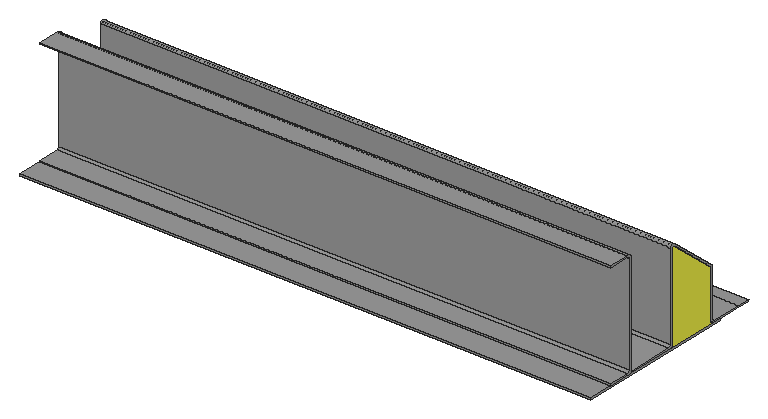
Revit family "HD K 110 215 WIL", category Generic Models, Revit 2014
Parameters (values of type "Max lintel length 4050mm")
  URL = "http://www.keystonelintels.co.uk"
  Structural Opening [instance] = 900 mm
  Structural Performance = "The Keystone lintel range has safe working loads as detailed in each applicable loading table in the Keystone Lintel Guide brochure. The structural performance figures within each table have been ascertained by testing in accordance with the requirements of standards BS EN 5977-2: 1983 and BS EN 845-2: 2003."
  RIBA Productor Selector = "available for Keystone Lintels Ltd from Keystone Lintels Ltd from ribaproductselector.com"
  Model = "HD/K 110 215 WIL"
  Min Length = 600 mm
  Min Clear Span = 300 mm
  Max Length = 4050 mm
  Max Clear Span = 4050 mm
  Material - Stainless Steel = "Grade 304 2b 1.4307 to BS EN 10088-2. Other grades available on request: contact manufacturer."
  Material - Galvanised Steel = "To BS EN 10346: 2009. DX51D plus Z600 or grade Z275 to BS 5977-2: 1983 (BS EN 845-2: 2003)."
  Manufacturer = "Keystone"
  Manufactured Length [instance] = (roundup(Effective Length / 150 mm) * 150 mm)  # 1200 mm
  Lintel height [instance] = 2100 mm
  Keynote = "F30/755"
  Fire Performance = "Keystone lintels have been subjected to a fire test (WARRES No. 101263) in accordance with BS 476-20: 1987, at Exova Warrington Fire and achieved a one hour fire performance."
  End Bearing = 150 mm
  Effective Length [instance] = Clear Opening with MIN MAX set + End Bearing * 2  # 1200 mm
  Corrosion = "Keystone’s standard range of lintels are manufactured from high quality grade pre-galvanized carbon steel with a zinc coating of 600"
  Contact Tel = "+44 (0)28 8676 2184"
  Contact Email = "info@keystonelintels.co.uk"
  Clear Opening with MIN MAX set [instance] = if(Structural Opening < Min Clear Span, Min Clear Span, (if(Structural Opening > Max Clear Span, Max Clear Span, Structural Opening)))  # 900 mm
  CPD Information = "Available for Keystone Lintels Ltd from ribacpd.com"
Reference planes
  plane 1 "Center (Front/Back)": y = 0
  plane 2: z = 0
  plane 3 "Center (Left/Right)": x = 0
  plane 4: x = -600
  plane 5: x = 600
  plane 6: z = 2100
  plane 7: x = -450
  plane 8: x = 450
Forms (mm)
  Extrusion 1, solid, material "Steel"
    sketch origin (0, 658.201, -499.066) x (0, 1, 0) y (0, 0, 1)
      loop
        line (-510.597, 2598.203) -> (-510.487, 2601.401) -> (-535.487, 2602.266) -> (-600.487, 2602.266)
        arc (-600.487, 2602.266) -> (-604.022, 2603.73) -> (-605.487, 2607.266) r 5
        line (-605.487, 2607.266) -> (-605.487, 2706.998)
        arc (-605.487, 2706.998) -> (-605.974, 2709.196) -> (-607.344, 2710.982) r 5.2
        line (-607.344, 2710.982) -> (-704.943, 2792.877)
        arc (-704.943, 2792.877) -> (-710.483, 2793.607) -> (-713.486, 2788.894) r 5.2
        line (-713.486, 2788.894) -> (-713.486, 2607.266)
        arc (-713.486, 2607.266) -> (-714.95, 2603.73) -> (-718.486, 2602.266) r 5
        line (-718.486, 2602.266) -> (-813.486, 2602.266) -> (-813.486, 2599.066) -> (-718.486, 2599.066)
        arc (-718.486, 2599.066) -> (-712.687, 2601.468) -> (-710.286, 2607.266) r 8.2
        line (-710.286, 2607.266) -> (-710.286, 2788.894)
        arc (-710.286, 2788.894) -> (-709.131, 2790.706) -> (-707, 2790.426) r 2
        line (-707, 2790.426) -> (-609.401, 2708.531)
        arc (-609.401, 2708.531) -> (-608.874, 2707.844) -> (-608.687, 2706.998) r 2
        line (-608.687, 2706.998) -> (-608.687, 2607.266)
        arc (-608.687, 2607.266) -> (-606.285, 2601.468) -> (-600.487, 2599.066) r 8.2
        line (-600.487, 2599.066) -> (-535.542, 2599.066) -> (-510.597, 2598.203)
    from -600 to 600
  Extrusion 2, solid, material "Steel"
    sketch origin (0, 657.701, -499.066) x (0, 1, 0) y (0, 0, 1)
      loop
        line (-825.958, 2824.586) -> (-871.686, 2824.586) -> (-871.686, 2821.386) -> (-826.061, 2821.386)
        arc (-826.061, 2821.386) -> (-822.919, 2819.86) -> (-821.686, 2816.591) r 4.722
        line (-821.686, 2816.591) -> (-821.686, 2606.457)
        arc (-821.686, 2606.457) -> (-822.814, 2603.394) -> (-825.877, 2602.266) r 3.894
        line (-825.877, 2602.266) -> (-871.686, 2602.266) -> (-871.686, 2599.066) -> (-825.986, 2599.066)
        arc (-825.986, 2599.066) -> (-820.551, 2601.131) -> (-818.486, 2606.566) r 7.094
        line (-818.486, 2606.566) -> (-818.486, 2816.566)
        arc (-818.486, 2816.566) -> (-820.611, 2822.077) -> (-825.958, 2824.586) r 7.922
    from -600 to 600
  Extrusion 3, solid, material "Insulation"
    sketch origin (0, 658.201, -499.066) x (0, 1, 0) y (0, 0, 1)
      loop
        line (-718.486, 2599.066) -> (-600.487, 2599.066)
        arc (-600.487, 2599.066) -> (-606.285, 2601.468) -> (-608.687, 2607.266) r 8.2
        line (-608.687, 2607.266) -> (-608.687, 2706.998)
        arc (-608.687, 2706.998) -> (-608.874, 2707.844) -> (-609.401, 2708.531) r 2
        line (-609.401, 2708.531) -> (-707, 2790.426)
        arc (-707, 2790.426) -> (-709.131, 2790.706) -> (-710.286, 2788.894) r 2
        line (-710.286, 2788.894) -> (-710.286, 2607.266)
        arc (-710.286, 2607.266) -> (-712.687, 2601.468) -> (-718.486, 2599.066) r 8.2
    from -600 to 600
  Extrusion 4, solid, material "Steel"
    sketch origin (0, 657.501, -499.066) x (0, 1, 0) y (0, 0, 1)
      loop
        line (-583.487, 2595.896) -> (-583.487, 2599.066) -> (-923.486, 2599.066) -> (-923.486, 2595.896) -> (-583.487, 2595.896)
    from -600 to 600
  Extrusion 5, solid, not visible
    sketch origin (0, 864.624, 1252.279) x (0, 1, 0) y (0, 0, 1)
      loop
        line (-510.597, 998.203) -> (-510.487, 1001.401) -> (-535.487, 1002.266) -> (-600.487, 1002.266)
        arc (-600.487, 1002.266) -> (-604.022, 1003.73) -> (-605.487, 1007.266) r 5
        line (-605.487, 1007.266) -> (-605.487, 1106.998)
        arc (-605.487, 1106.998) -> (-605.974, 1109.196) -> (-607.344, 1110.982) r 5.2
        line (-607.344, 1110.982) -> (-704.943, 1192.877)
        arc (-704.943, 1192.877) -> (-710.483, 1193.607) -> (-713.486, 1188.894) r 5.2
        line (-713.486, 1188.894) -> (-713.486, 1007.266)
        arc (-713.486, 1007.266) -> (-714.95, 1003.73) -> (-718.486, 1002.266) r 5
        line (-718.486, 1002.266) -> (-813.486, 1002.266) -> (-813.486, 999.066) -> (-718.486, 999.066)
        arc (-718.486, 999.066) -> (-712.687, 1001.468) -> (-710.286, 1007.266) r 8.2
        line (-710.286, 1007.266) -> (-710.286, 1188.894)
        arc (-710.286, 1188.894) -> (-709.131, 1190.706) -> (-707, 1190.426) r 2
        line (-707, 1190.426) -> (-609.401, 1108.531)
        arc (-609.401, 1108.531) -> (-608.874, 1107.844) -> (-608.687, 1106.998) r 2
        line (-608.687, 1106.998) -> (-608.687, 1007.266)
        arc (-608.687, 1007.266) -> (-606.285, 1001.468) -> (-600.487, 999.066) r 8.2
        line (-600.487, 999.066) -> (-535.542, 999.066) -> (-510.597, 998.203)
    from 0 to 250
  Extrusion 6, solid, not visible
    sketch origin (0, 673.102, 1243.566) x (0, 1, 0) y (0, 0, 1)
      loop
        line (-825.958, 1224.586) -> (-871.686, 1224.586) -> (-871.686, 1221.386) -> (-826.061, 1221.386)
        arc (-826.061, 1221.386) -> (-822.919, 1219.86) -> (-821.686, 1216.591) r 4.722
        line (-821.686, 1216.591) -> (-821.686, 1006.457)
        arc (-821.686, 1006.457) -> (-822.814, 1003.394) -> (-825.877, 1002.266) r 3.894
        line (-825.877, 1002.266) -> (-871.686, 1002.266) -> (-871.686, 999.066) -> (-825.986, 999.066)
        arc (-825.986, 999.066) -> (-820.551, 1001.131) -> (-818.486, 1006.566) r 7.094
        line (-818.486, 1006.566) -> (-818.486, 1216.566)
        arc (-818.486, 1216.566) -> (-820.611, 1222.077) -> (-825.958, 1224.586) r 7.922
    from 0 to 250
  Extrusion 7, solid, not visible
    sketch origin (0, 797.381, 781.985) x (0, 1, 0) y (0, 0, 1)
      loop
        line (-718.486, 999.066) -> (-600.487, 999.066)
        arc (-600.487, 999.066) -> (-606.285, 1001.468) -> (-608.687, 1007.266) r 8.2
        line (-608.687, 1007.266) -> (-608.687, 1106.998)
        arc (-608.687, 1106.998) -> (-608.874, 1107.844) -> (-609.401, 1108.531) r 2
        line (-609.401, 1108.531) -> (-707, 1190.426)
        arc (-707, 1190.426) -> (-709.131, 1190.706) -> (-710.286, 1188.894) r 2
        line (-710.286, 1188.894) -> (-710.286, 1007.266)
        arc (-710.286, 1007.266) -> (-712.687, 1001.468) -> (-718.486, 999.066) r 8.2
    from 0 to 250
  Extrusion 8, solid, not visible
    sketch origin (0, 466.522, 1023.336) x (0, 1, 0) y (0, 0, 1)
      loop
        line (-583.487, 995.896) -> (-583.487, 999.066) -> (-923.486, 999.066) -> (-923.486, 995.896) -> (-583.487, 995.896)
    from 0 to 250
Dimensions and locks
  equal spacing: plane 4, plane 3 "Center (Left/Right)", plane 5
  "Manufactured Length": plane 4 to plane 5
  "Lintel height": plane 6 to level
  "Structural Opening": plane 7 to plane 8
  equal spacing: plane 7, plane 3 "Center (Left/Right)", plane 8
  aligned and locked: level to plane 2
  aligned and locked: Extrusion 1 to plane 6
  aligned and locked: Extrusion 3 to plane 6
  aligned and locked: Extrusion 2 to plane 6
  aligned and locked: plane 6 to Extrusion 4
  aligned and locked: plane 5 to Extrusion 4
  aligned and locked: Extrusion 4 to plane 4
  aligned and locked: plane 5 to Extrusion 2
  aligned and locked: Extrusion 2 to plane 4
  aligned and locked: plane 5 to Extrusion 1
  aligned and locked: Extrusion 1 to plane 4
  aligned and locked: plane 5 to Extrusion 3
  aligned and locked: Extrusion 3 to plane 4
Automatic sketch dimensions
  Extrusion 1 sketch curve to Extrusion 1 sketch curve = 64.945 mm
  Extrusion 1 sketch curve to Extrusion 1 sketch curve = 0.863 mm
  Extrusion 1 sketch curve to Extrusion 1 sketch curve = 0.055 mm
  Extrusion 1 sketch curve to Extrusion 1 sketch curve = 0 mm  (x17)
  Extrusion 1 sketch curve to Extrusion 1 sketch curve = 0.111 mm
  Extrusion 1 sketch curve to Extrusion 1 sketch curve = 3.198 mm
  Extrusion 1 sketch curve to Extrusion 1 sketch curve = 5 mm  (x2)
  Extrusion 1 sketch curve to Extrusion 1 sketch curve = 99.733 mm
  Extrusion 1 sketch curve to Extrusion 1 sketch curve = 2 mm
  Extrusion 1 sketch curve to Extrusion 1 sketch curve = 0.714 mm
  Extrusion 1 sketch curve to Extrusion 1 sketch curve = 97.599 mm
  Extrusion 1 sketch curve to Extrusion 1 sketch curve = 81.895 mm
  Extrusion 1 sketch curve to Extrusion 1 sketch curve = 2.057 mm  (x2)
  Extrusion 1 sketch curve to Extrusion 1 sketch curve = 2.451 mm
  Extrusion 1 sketch curve to Extrusion 1 sketch curve = 1.286 mm
  Extrusion 1 sketch curve to Extrusion 1 sketch curve = 1.532 mm
  Extrusion 1 sketch curve to Extrusion 1 sketch curve = 95 mm
  Extrusion 2 sketch curve to Extrusion 2 sketch curve = 45.728 mm
  Extrusion 2 sketch curve to Extrusion 2 sketch curve = 3.2 mm  (x2)
  Extrusion 2 sketch curve to Extrusion 2 sketch curve = 0.102 mm
  Extrusion 2 sketch curve to Extrusion 2 sketch curve = 0.347 mm
  Extrusion 2 sketch curve to Extrusion 2 sketch curve = 4.71 mm
  Extrusion 2 sketch curve to Extrusion 2 sketch curve = 7.922 mm
  Extrusion 2 sketch curve to Extrusion 2 sketch curve = 210.109 mm
  Extrusion 2 sketch curve to Extrusion 2 sketch curve = 0.109 mm  (x2)
  Extrusion 2 sketch curve to Extrusion 2 sketch curve = 3.881 mm
  Extrusion 2 sketch curve to Extrusion 2 sketch curve = 0.31 mm
  Extrusion 2 sketch curve to Extrusion 2 sketch curve = 0.419 mm
  Extrusion 2 sketch curve to Extrusion 2 sketch curve = 45.7 mm
  Extrusion 3 sketch curve to Extrusion 3 sketch curve = 8.2 mm  (x3)
  Extrusion 3 sketch curve to Extrusion 3 sketch curve = 109.799 mm  (x2)
  Extrusion 3 sketch curve to Extrusion 3 sketch curve = 0 mm  (x2)
  Extrusion 3 sketch curve to Extrusion 3 sketch curve = 99.733 mm
  Extrusion 3 sketch curve to Extrusion 3 sketch curve = 81.895 mm
  Extrusion 3 sketch curve to Extrusion 3 sketch curve = 2 mm
  Extrusion 3 sketch curve to Extrusion 3 sketch curve = 0.714 mm
  Extrusion 3 sketch curve to Extrusion 3 sketch curve = 3.286 mm
  Extrusion 3 sketch curve to Extrusion 3 sketch curve = 1.532 mm
  Extrusion 4 sketch curve to Extrusion 4 sketch curve = 339.999 mm
  Extrusion 4 sketch curve to Extrusion 4 sketch curve = 3.17 mm
  Extrusion 5 sketch curve to Extrusion 5 sketch curve = 64.945 mm
  Extrusion 5 sketch curve to Extrusion 5 sketch curve = 0.863 mm
  Extrusion 5 sketch curve to Extrusion 5 sketch curve = 0.055 mm
  Extrusion 5 sketch curve to Extrusion 5 sketch curve = 0 mm  (x17)
  Extrusion 5 sketch curve to Extrusion 5 sketch curve = 0.111 mm
  Extrusion 5 sketch curve to Extrusion 5 sketch curve = 3.198 mm
  Extrusion 5 sketch curve to Extrusion 5 sketch curve = 5 mm  (x2)
  Extrusion 5 sketch curve to Extrusion 5 sketch curve = 99.733 mm
  Extrusion 5 sketch curve to Extrusion 5 sketch curve = 2 mm
  Extrusion 5 sketch curve to Extrusion 5 sketch curve = 0.714 mm
  Extrusion 5 sketch curve to Extrusion 5 sketch curve = 97.599 mm
  Extrusion 5 sketch curve to Extrusion 5 sketch curve = 81.895 mm
  Extrusion 5 sketch curve to Extrusion 5 sketch curve = 2.057 mm  (x2)
  Extrusion 5 sketch curve to Extrusion 5 sketch curve = 2.451 mm
  Extrusion 5 sketch curve to Extrusion 5 sketch curve = 1.286 mm
  Extrusion 5 sketch curve to Extrusion 5 sketch curve = 1.532 mm
  Extrusion 5 sketch curve to Extrusion 5 sketch curve = 95 mm
  Extrusion 2 sketch curve to Extrusion 2 sketch curve = 0 mm  (x8)
  Extrusion 6 sketch curve to Extrusion 6 sketch curve = 45.728 mm
  Extrusion 6 sketch curve to Extrusion 6 sketch curve = 3.2 mm  (x2)
  Extrusion 6 sketch curve to Extrusion 6 sketch curve = 0.102 mm
  Extrusion 6 sketch curve to Extrusion 6 sketch curve = 0.347 mm
  Extrusion 6 sketch curve to Extrusion 6 sketch curve = 4.71 mm
  Extrusion 6 sketch curve to Extrusion 6 sketch curve = 7.922 mm
  Extrusion 6 sketch curve to Extrusion 6 sketch curve = 210.109 mm
  Extrusion 6 sketch curve to Extrusion 6 sketch curve = 0.109 mm  (x2)
  Extrusion 6 sketch curve to Extrusion 6 sketch curve = 3.881 mm
  Extrusion 6 sketch curve to Extrusion 6 sketch curve = 0.31 mm
  Extrusion 6 sketch curve to Extrusion 6 sketch curve = 0.419 mm
  Extrusion 6 sketch curve to Extrusion 6 sketch curve = 0 mm  (x8)
  Extrusion 6 sketch curve to Extrusion 6 sketch curve = 45.7 mm
  Extrusion 7 sketch curve to Extrusion 7 sketch curve = 8.2 mm  (x3)
  Extrusion 7 sketch curve to Extrusion 7 sketch curve = 109.799 mm  (x2)
  Extrusion 7 sketch curve to Extrusion 7 sketch curve = 0 mm  (x2)
  Extrusion 7 sketch curve to Extrusion 7 sketch curve = 99.733 mm
  Extrusion 7 sketch curve to Extrusion 7 sketch curve = 81.895 mm
  Extrusion 7 sketch curve to Extrusion 7 sketch curve = 2 mm
  Extrusion 7 sketch curve to Extrusion 7 sketch curve = 0.714 mm
  Extrusion 7 sketch curve to Extrusion 7 sketch curve = 3.286 mm
  Extrusion 7 sketch curve to Extrusion 7 sketch curve = 1.532 mm
  Extrusion 8 sketch curve to Extrusion 8 sketch curve = 339.999 mm
  Extrusion 8 sketch curve to Extrusion 8 sketch curve = 3.17 mm
  Extrusion 4 sketch curve to plane 6 = 0 mm
  plane 1 "Center (Front/Back)" to Extrusion 4 sketch curve = 265.985 mm
  Extrusion 2 sketch curve to plane 6 = 0 mm
  plane 1 "Center (Front/Back)" to Extrusion 2 sketch curve = 213.985 mm
  Extrusion 3 sketch curve to plane 6 = 0 mm
  plane 1 "Center (Front/Back)" to Extrusion 3 sketch curve = 60.285 mm
  Extrusion 1 sketch curve to plane 6 = 0 mm
  plane 1 "Center (Front/Back)" to Extrusion 1 sketch curve = 155.285 mm
